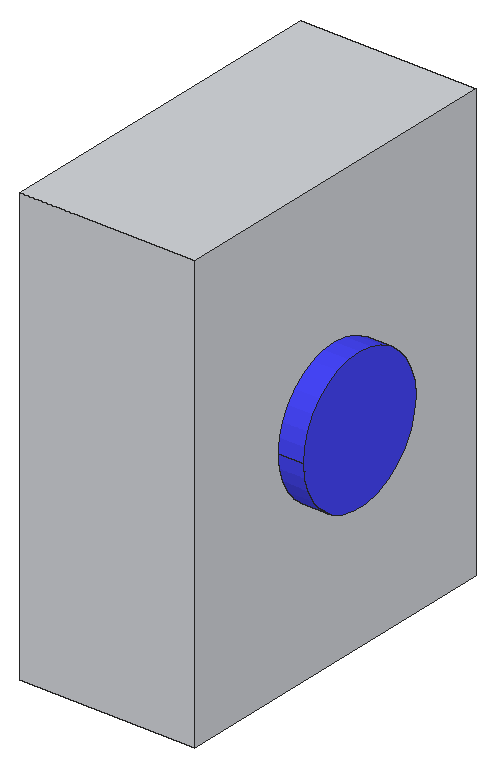
Revit family "電線管用ファミリ(片側のみ)", category 電気器具, Revit 2021
Family settings
  注釈の向きを維持 = いいえ
  丸型コネクタ寸法 = 直径を使用
  パーツ タイプ = 標準
  OmniClass 番号 = 23.80.00.00
  OmniClass タイトル = Electric Power and Lighting
  作業面ベース = いいえ
  常に垂直 = いいえ
  ロード時にボイドで切り取り = いいえ
  共有 = いいえ
  部屋計算ポイント = いいえ
Parameters
  既定の高さ = 0 mm
  コネクタ直径2 [instance] = 16 mm
  コネクタ直径1 [instance] = 16 mm
Reference planes
  plane 1 "中心(正面/背面)": y = 0
  plane 2: z = 0
  plane 3 "中心(左/右)": x = 0
Forms (mm)
  Extrusion 1, solid
    sketch origin (0, -9.877, 0) x (1, 0, 0) y (0, 1, 0)
      loop
        line (-10, 30) -> (-10, -10.245) -> (10, -10.245) -> (10, 30) -> (-10, 30)
    from 0 to 50
  Extrusion 2, solid, material "ポシェ"
    sketch origin (0, 0, 15) x (0, 1, 0) y (0, 0, 1)
      loop
        circle (-0.245, 10) r 8
    from 10 to 13
Dimensions and locks
  "コネクタ直径1": diameter of Extrusion 2 sketch curve
  aligned and locked: level to plane 2
  aligned and locked: Extrusion 2 to Extrusion 1
Automatic sketch dimensions
  Extrusion 1 sketch curve to plane 3 "中心(左/右)" = 10 mm
  plane 3 "中心(左/右)" to Extrusion 1 sketch curve = 10 mm
  plane 1 "中心(正面/背面)" to Extrusion 1 sketch curve = 20.123 mm
  Extrusion 1 sketch curve to plane 1 "中心(正面/背面)" = 20.123 mm
  plane 1 "中心(正面/背面)" to Extrusion 2 sketch curve = 0.245 mm
  level to Extrusion 2 sketch curve = 25 mm
Connectors
  cabletrayconduit at (13, -0.245, 25), diameter 16, driven by "コネクタ直径1"
    settings: on Extrusion 2, index 5, connector width 300 mm, connector height 300 mm, connector angle 0.00°, system type 32, placement type 0, profile type 0, connector reference index -1, is primary connector yes, connector utility param no, connector description ""
